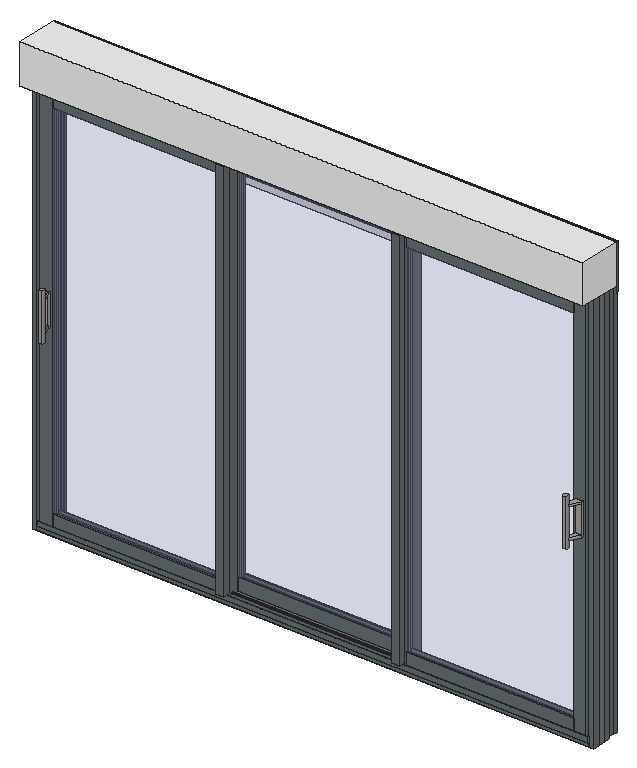
Revit family "K-LINE COULISSANT RENO-tunnel-KLBC2R-3V - Bloc Baie", category Fenêtres, Revit 2017 (continued)
Definition of nested family "Bloc Baie Reno"
  Forms (mm)
    Extrusion 3, solid, material <- "Couleur lames", visible <- "Visibilité des lames"
      sketch origin (0, 0, 0) x (0, 1, 0) y (0, 0, 1)
        loop
          line (22, 855.496) -> (14, 857.639) -> (14, 819.639) -> (22, 817.496) -> (22, 855.496)
        loop
          line (22, 895.496) -> (14, 897.639) -> (14, 859.639) -> (22, 857.496) -> (22, 895.496)
        loop
          line (22, 935.496) -> (14, 937.639) -> (14, 899.639) -> (22, 897.496) -> (22, 935.496)
        loop
          line (22, 965) -> (14, 965) -> (14, 939.639) -> (22, 937.496) -> (22, 965)
      from -1019.7 to 1019.7
    Extrusion 4, solid, visible <- "Thermo"
      sketch origin (0, 0, 0) x (0, 1, 0) y (0, 0, 1)
        loop
          line (5, 1190) -> (5, 965) -> (260, 965) -> (260, 1190) -> (5, 1190)
      from -1045 to 1045
    Extrusion 5, solid, visible <- "Bloc classic"
      sketch origin (0, 0, 0) x (0, 1, 0) y (0, 0, 1)
        loop
          line (5, 1190) -> (5, 965) -> (260, 965) -> (260, 1118) -> (242.048, 1190) -> (5, 1190)
      from -1045 to 1045
  Lines and regions (mm)
    symbolic lines
      curve 1: line (0, 31, 965) -> (0, 31, 0)
      curve 2: line (0, 31, 0) -> (0, 5, 0)
      curve 3: line (0, 5, 0) -> (0, 5, 965)
  Dimensions and locks
    equal spacing: plane 4, plane 3 "Centre (gauche/droite)", plane 5
    "Largeur": plane 4 to plane 5
    locked: plane 7 to plane 5 at 44.5
    locked: plane 8 to plane 4 at 44.5
    "Hauteur": plane 9 to plane 2
    locked: plane 1 "Centre (avant/arrière)" to plane 10 at 5
    locked: plane 10 to plane 6 at 26
    locked: plane 4 to plane 12 at 15.3
    locked: plane 5 to plane 11 at 15.3
    locked: plane 14 to plane 5 at 10
    locked: plane 15 to plane 4 at 10
    "Profondeur coffre": plane 1 "Centre (avant/arrière)" to plane 16
    "Hauteur coffre": plane 9 to plane 17
    locked: plane 9 to plane 13 at 182
    "Décalage coffre": plane 18 to plane 9
    locked: plane 19 to plane 1 "Centre (avant/arrière)" at 2
    locked: Extrusion 5 sketch curve to plane 16 at 17.952
    locked: plane 17 to Extrusion 5 sketch curve at 72
    aligned and locked: level to plane 2
    aligned and locked: Extrusion 1 sketch curve to plane 7
    aligned and locked: Extrusion 1 sketch curve to plane 6
    aligned and locked: plane 10 to Extrusion 1 sketch curve
    aligned and locked: plane 4 to Extrusion 1 sketch curve
    aligned and locked: Extrusion 1 sketch curve to plane 10
    aligned and locked: Extrusion 1 sketch curve to plane 8
    aligned and locked: plane 8 to Extrusion 1 sketch curve
    aligned and locked: plane 6 to Extrusion 1 sketch curve
    aligned and locked: plane 5 to Extrusion 1 sketch curve
    aligned and locked: Extrusion 1 to plane 9
    aligned and locked: Extrusion 1 to plane 2
    aligned and locked: plane 9 to Extrusion 3 sketch curve
    aligned and locked: plane 15 to Extrusion 3
    aligned and locked: plane 14 to Extrusion 3
    aligned and locked: plane 5 to nested 1
    aligned and locked: plane 10 to nested 1
    aligned and locked: plane 4 to nested 2
    aligned and locked: nested 2 to plane 10
    aligned and locked: plane 10 to Extrusion 2 sketch curve
    aligned and locked: plane 11 to Extrusion 4
    aligned and locked: plane 12 to Extrusion 4
    aligned and locked: Extrusion 4 to Extrusion 1
    aligned and locked: plane 17 to Extrusion 2
    aligned and locked: plane 12 to Extrusion 2
    aligned and locked: plane 11 to Extrusion 2
    aligned and locked: Extrusion 2 to plane 18
    aligned and locked: plane 19 to Extrusion 2
    aligned and locked: Extrusion 5 sketch curve to plane 10
    aligned and locked: Extrusion 5 sketch curve to plane 17
    aligned and locked: Extrusion 5 sketch curve to plane 9
    aligned and locked: Extrusion 5 sketch curve to plane 16
    aligned and locked: plane 11 to Extrusion 5
    aligned and locked: plane 12 to Extrusion 5
  Automatic sketch dimensions
    Extrusion 3 sketch curve to plane 13 = 0.00 mm
    Extrusion 3 sketch curve to plane 10 = 9.00 mm  (x3)
    Extrusion 3 sketch curve to Extrusion 3 sketch curve = 0.00 mm  (x3)
    Extrusion 3 sketch curve to Extrusion 3 sketch curve = 8.00 mm  (x4)
    Extrusion 3 sketch curve to Extrusion 3 sketch curve = 32.496 mm
    Extrusion 3 sketch curve to Extrusion 3 sketch curve = 2.00 mm  (x8)
    Extrusion 3 sketch curve to Extrusion 3 sketch curve = 0.144 mm  (x4)
    Extrusion 3 sketch curve to Extrusion 3 sketch curve = 35.856 mm  (x2)
    curve 3 to level = 0.00 mm
    curve 3 to plane 10 = 0.00 mm
    curve 2 to plane 6 = 0.00 mm
    plane 9 to curve 3 = 0.00 mm
    plane 9 to curve 1 = 0.00 mm
    Extrusion 1 sketch curve to plane 7 = 0.00 mm
    plane 15 to Extrusion 1 sketch curve = 3.05 mm
    Extrusion 1 sketch curve to plane 15 = 11.795 mm  (x2)
    Extrusion 1 sketch curve to plane 14 = 11.795 mm  (x2)
    plane 14 to Extrusion 1 sketch curve = 3.05 mm
    Extrusion 1 sketch curve to plane 10 = 1.977 mm  (x2)
    Extrusion 1 sketch curve to Extrusion 1 sketch curve = 4.173 mm  (x2)
    plane 6 to Extrusion 1 sketch curve = 6.15 mm  (x2)
    plane 6 to Extrusion 1 sketch curve = 1.977 mm  (x2)
    Extrusion 4 sketch curve to plane 1 "Centre (avant/arrière)" = 5.00 mm
    Extrusion 4 sketch curve to plane 16 = 0.00 mm
    plane 9 to Extrusion 4 sketch curve = 0.00 mm
    Extrusion 4 sketch curve to plane 17 = 0.00 mm
    Extrusion 2 sketch curve to plane 9 = 225.00 mm
    plane 1 "Centre (avant/arrière)" to Extrusion 2 sketch curve = 2.00 mm
    plane 9 to Extrusion 2 sketch curve = 32.00 mm
    Extrusion 3 sketch curve to Extrusion 3 sketch curve = 29.504 mm
  Nested families
    nested 1: "Détail 2D coulisse demi-linteau" at (1029.7, 5, 0), type "Détail 2D coulisse demi-linteau"
    nested 2: "Détail 2D coulisse demi-linteau" at (-1029.7, 5, 0) x (-1, 0, 0) z (0, 0, 1), type "Détail 2D coulisse demi-linteau"
  Definition of nested family "Détail 2D coulisse demi-linteau"
    Reference planes
      plane 1 "Centre (avant/arrière)": y = 0
      plane 2: z = 0
      plane 3 "Centre (gauche/droite)": x = 0
    Lines and regions (mm)
      Filled region 1, type "Uni - Gris", in view "Niveau de réf.", detail levels medium+fine
        outline origin (0, 0, 0) x (1, 0, 0) y (0, 1, 0)
          loop
            line (-21.795, 26) -> (-44.5, 24.023) -> (-44.5, 19.85) -> (-6.95, 19.85) -> (-6.95, 6.15) -> (-44.5, 6.15) -> (-44.5, 1.977) -> (-21.795, 0) -> (0, 0) -> (0, 26) -> (-21.795, 26)
      Filled region 2, type "Uni - Blanc", in view "Niveau de réf.", detail levels coarse
        outline origin (0, 0, 0) x (1, 0, 0) y (0, 1, 0)
          loop
            line (-44.5, 26) -> (-44.5, 0) -> (0, 0) -> (0, 26) -> (-44.5, 26)
    Dimensions and locks
      aligned and locked: plane 3 "Centre (gauche/droite)" to Filled region 1 sketch curve
      aligned and locked: plane 1 "Centre (avant/arrière)" to Filled region 1 sketch curve
      aligned and locked: Filled region 2 sketch curve to Filled region 1  (x4)
Definition of nested family "Ouvrant KLBC"
  Parameters (values of type "Ouvrant KLBC")
    Vitrage = none
    Visibilité ouverture = yes
    Vantail Int [instance] = not(Vantail Ext)  # no
    Vantail Ext [instance] = yes
    Renfort PF [instance] = and(Vantail Int, Porte fenêtre)  # no
    Profondeur renfort = if(Mt renforcé, 53.75 mm, 32.00 mm)  # 32.00 mm
    Position traverses = if([3 traverses], (Height - 274.00 mm) / 4 + 50.00 mm, (Height - 224.00 mm) / 3 + 50.00 mm)  # 456.333 mm
    Position symbole [instance] = if(Vantail Int, 85.00 mm, 120.00 mm)  # 120.00 mm
    Porte fenêtre = no
    Poignée PF [instance] = and(Porte fenêtre, not(Poignée CPI))  # no
    Poignée F [instance] = and(Fenêtre, not(Poignée CPI))  # yes
    Poignée CPI [instance] = and(Vantail Int, CPI)  # no
    Nb traverses = 0.00 mm
    Mt renforcé = no
    Lg vitrage = Width - 72.50 mm  # 1143.50 mm
    Lg traverse = Width - 102.50 mm  # 1113.50 mm
    Width = 1216.00 mm
    Ht vitrage = Height - 96.00 mm  # 1347.00 mm
    Ht traverse 1 = 431.00 mm
    Height = 1443.00 mm
    Fenêtre = yes
    Couleur châssis Int = none
    Couleur châssis Ext = none
    Couleur Accessoire Int = none
    Analytic Construction = "<Aucun>"
    CPI = no
    3 traverses = Nb traverses = 3.00 mm  # no
    2 traverses = or(Nb traverses = 2.00 mm, Nb traverses = 3.00 mm)  # no
    1 traverse = Nb traverses = 1.00 mm  # no
  Reference planes
    plane 1 "Centre (avant/arrière)": y = 0
    plane 2: z = 0
    plane 3 "Centre (gauche/droite)": x = 0
    plane 4: x = -1216
    plane 5: y = 21.75
    plane 6 "Nu ext": y = -21.75
    plane 7: x = -62.5
    plane 8: x = -47.5
    plane 9: x = -13
    plane 10: x = -1176
    plane 11: x = -1191
    plane 12: x = -1196
    plane 13: y = -14
    plane 14: y = 14
    plane 15: y = -8
    plane 16: y = 8
    plane 17: x = -1213
    plane 18: y = 28.25
    plane 19: z = 1443
    plane 20: z = 721.5
    plane 21: z = 62
    plane 22: z = 48
    plane 23: z = 13
    plane 24: y = -20
    plane 25: y = 20
    plane 26: z = 1381
    plane 27: z = 1395
    plane 28: z = 1430
    plane 29: x = -31.5
    plane 30: x = -619.25
    plane 31: y = -28.25
    plane 32: y = 53.75
    plane 33: z = 493.333
    plane 34: z = 949.667
    plane 35: z = 1406
    plane 36: z = 1862.333
    plane 37: z = 37
    plane 38: z = 431
    plane 39: y = 120
    plane 40: z = 1253
    plane 41: y = 46.75
  Forms (mm)
    Extrusion 1, solid, material <- "Couleur châssis Int"
      sketch origin (0, 0, 0) x (1, 0, 0) y (0, 1, 0)
        loop
          line (-62.5, 21.75) -> (-62.5, 14) -> (-47.5, 14) -> (-47.5, 0) -> (-13, 0) -> (-13, 8) -> (0, 8) -> (0, 21.75) -> (-62.5, 21.75)
      from 0 to 1443
    Extrusion 2, solid, material <- "Couleur châssis Ext"
      sketch origin (0, 0, 0) x (1, 0, 0) y (0, 1, 0)
        loop
          line (-62.5, -21.75) -> (0, -21.75) -> (0, -8) -> (-13, -8) -> (-13, 0) -> (-47.5, 0) -> (-47.5, -14) -> (-62.5, -14) -> (-62.5, -21.75)
      from 0 to 1443
    Extrusion 3, solid, visible <- "Vantail Ext"
      sketch origin (0, 0, 0) x (1, 0, 0) y (0, 1, 0)
        loop
          line (-1213, 28.25) -> (-1213, -14) -> (-1191, -14) -> (-1191, 14) -> (-1176, 14) -> (-1176, 21.75) -> (-1196, 21.75) -> (-1196, 28.25) -> (-1213, 28.25)
      from 0 to 1443
    Extrusion 4, solid, material <- "Couleur châssis Ext", visible <- "Vantail Ext"
      sketch origin (0, 0, 0) x (1, 0, 0) y (0, 1, 0)
        loop
          line (-1216, 28.25) -> (-1216, -21.75) -> (-1176, -21.75) -> (-1176, -14) -> (-1213, -14) -> (-1213, 28.25) -> (-1216, 28.25)
      from 0 to 1443
    Extrusion 5, solid, material <- "Couleur châssis Ext"
      sketch origin (0, 0, 0) x (0, 1, 0) y (0, 0, 1)
        loop
          line (-20, 62) -> (-20, 0) -> (-8, 0) -> (-8, 13) -> (0, 13) -> (0, 48) -> (-14, 48) -> (-14, 62) -> (-20, 62)
        loop
          line (-20, 1381) -> (-14, 1381) -> (-14, 1395) -> (0, 1395) -> (0, 1430) -> (-8, 1430) -> (-8, 1443) -> (-20, 1443) -> (-20, 1381)
      from -62.5 to -1176
    Extrusion 6, void
      sketch origin (0, 0, 0) x (0, 1, 0) y (0, 0, 1)
        loop
          line (-8, 13) -> (-8, 0) -> (8, 0) -> (8, 13) -> (-8, 13)
        loop
          line (-8, 1430) -> (8, 1430) -> (8, 1443) -> (-8, 1443) -> (-8, 1430)
      from 0 to -1216
    Extrusion 7, solid, material <- "Couleur châssis Int"
      sketch origin (0, 1.25, 0.625) x (0, -1, 0) y (0, 0, -1)
        loop
          line (-18.75, -61.375) -> (-12.75, -61.375) -> (-12.75, -47.375) -> (1.25, -47.375) -> (1.25, -12.375) -> (-6.75, -12.375) -> (-6.75, 0.625) -> (-18.75, 0.625) -> (-18.75, -61.375)
        loop
          line (-18.75, -1380.375) -> (-18.75, -1442.375) -> (-6.75, -1442.375) -> (-6.75, -1429.375) -> (1.25, -1429.375) -> (1.25, -1394.375) -> (-12.75, -1394.375) -> (-12.75, -1380.375) -> (-18.75, -1380.375)
      from -62.5 to -1176
    Extrusion 8, solid, material <- "Couleur châssis Int", visible <- "Vantail Int"
      sketch origin (0, 0, 0) x (1, 0, 0) y (0, 1, 0)
        loop
          line (-1216, -28.25) -> (-1213, -28.25) -> (-1213, 14) -> (-1176, 14) -> (-1176, 21.75) -> (-1216, 21.75) -> (-1216, -28.25)
      from 0 to 1443
    Extrusion 9, solid, visible <- "Vantail Int"
      sketch origin (0, 0, 0) x (1, 0, 0) y (0, 1, 0)
        loop
          line (-1213, -28.25) -> (-1196, -28.25) -> (-1196, -21.75) -> (-1176, -21.75) -> (-1176, -14) -> (-1191, -14) -> (-1191, 14) -> (-1213, 14) -> (-1213, -28.25)
      from 0 to 1443
    Extrusion 10, solid, material <- "Couleur châssis Int", visible <- "Renfort PF"
      sketch origin (0, 0, 0) x (1, 0, 0) y (0, 1, 0)
        loop
          line (-1216, 53.75) -> (-1216, 21.75) -> (-1176, 21.75) -> (-1176, 53.75) -> (-1216, 53.75)
      from 13 to 1443
    Extrusion 11, solid, material <- "Couleur Accessoire Int", visible <- "Poignée CPI"
      sketch origin (0, -21.75, 0) x (-1, 0, 0) y (0, 0, -1)
        loop
          line (13, -1443) -> (47.5, -1443) -> (47.5, -1257)
          arc (47.5, -1257) -> (46.328, -1254.172) -> (43.5, -1253) r 4
          line (43.5, -1253) -> (17, -1253)
          arc (17, -1253) -> (14.172, -1254.172) -> (13, -1257) r 4
          line (13, -1257) -> (13, -1443)
      from -43.5 to -68.5
  Cuts and joins
    Extrusion 6 cuts Extrusion 5
    Extrusion 6 cuts Extrusion 4
    Extrusion 6 cuts Extrusion 3
    Extrusion 6 cuts Extrusion 1
    Extrusion 6 cuts Extrusion 2
    Extrusion 6 cuts Extrusion 8
    Extrusion 6 cuts Extrusion 9
  Lines and regions (mm)
    symbolic lines, visible <- "Visibilité ouverture"
      curve 1: line (-719.25, -21.75, 721.5) -> (-519.25, -21.75, 721.5)
      curve 2: line (-719.25, -21.75, 721.5) -> (-682.998, -21.75, 738.405)
      curve 3: line (-719.25, -21.75, 721.5) -> (-682.998, -21.75, 704.595)
      curve 4: line (-719.25, 120, 0) -> (-519.25, 120, 0)
      curve 5: line (-719.25, 120, 0) -> (-680.613, 130.353, 0)
      curve 6: line (-719.25, 120, 0) -> (-680.613, 109.647, 0)
    model lines, visible <- "Visibilité ouverture"
      curve 7: line (-519.25, -21.75, 721.5) -> (-719.25, -21.75, 721.5)
      curve 8: line (-719.25, -21.75, 721.5) -> (-682.998, -21.75, 704.595)
      curve 9: line (-682.998, -21.75, 738.405) -> (-719.25, -21.75, 721.5)
  Dimensions and locks
    "Width": plane 4 to plane 3 "Centre (gauche/droite)"
    locked: plane 5 to plane 1 "Centre (avant/arrière)" at 21.75
    locked: plane 6 "Nu ext" to plane 1 "Centre (avant/arrière)" at 21.75
    locked: plane 7 to plane 3 "Centre (gauche/droite)" at 62.5
    locked: plane 7 to plane 8 at 15
    locked: plane 9 to plane 3 "Centre (gauche/droite)" at 13
    locked: plane 10 to plane 11 at 15
    locked: plane 4 to plane 12 at 20
    locked: plane 12 to plane 10 at 20
    locked: plane 6 "Nu ext" to plane 13 at 7.75
    locked: plane 5 to plane 14 at 7.75
    locked: plane 15 to plane 1 "Centre (avant/arrière)" at 8
    locked: plane 16 to plane 1 "Centre (avant/arrière)" at 8
    locked: plane 4 to plane 17 at 3
    locked: plane 6 "Nu ext" to plane 18 at 50
    "Height": plane 19 to plane 2
    equal spacing: plane 19, plane 20, plane 2
    locked: plane 21 to plane 2 at 62
    locked: plane 21 to plane 22 at 14
    locked: plane 2 to plane 23 at 13
    locked: plane 24 to plane 13 at 6
    locked: plane 25 to plane 14 at 6
    locked: plane 26 to plane 27 at 14
    locked: plane 19 to plane 28 at 13
    locked: plane 26 to plane 19 at 62
    locked: plane 29 to plane 3 "Centre (gauche/droite)" at 31.5
    equal spacing: plane 11, plane 30, plane 8
    locked: plane 5 to plane 31 at 50
    "Profondeur renfort": plane 32 to plane 5
    "Position traverses": plane 34 to plane 33
    "Position traverses": plane 35 to plane 34
    "Position traverses": plane 36 to plane 35
    locked: plane 21 to plane 37 at 25
    "Position traverses": plane 33 to plane 37
    "Ht traverse 1": plane 38 to plane 2
    "Position symbole": plane 39 to plane 1 "Centre (avant/arrière)"
    locked: plane 19 to plane 40 at 190
    locked: plane 41 to plane 5 at 25
    aligned and locked: level to plane 2
    aligned and locked: plane 7 to Extrusion 1 sketch curve
    aligned and locked: Extrusion 1 sketch curve to plane 5
    aligned and locked: Extrusion 1 sketch curve to plane 14
    aligned and locked: plane 8 to Extrusion 1 sketch curve
    aligned and locked: Extrusion 1 sketch curve to plane 1 "Centre (avant/arrière)"
    aligned and locked: Extrusion 1 sketch curve to plane 9
    aligned and locked: plane 16 to Extrusion 1 sketch curve
    aligned and locked: Extrusion 1 sketch curve to plane 3 "Centre (gauche/droite)"
    aligned and locked: plane 9 to Extrusion 2 sketch curve
    aligned and locked: Extrusion 2 sketch curve to plane 15
    aligned and locked: plane 3 "Centre (gauche/droite)" to Extrusion 2 sketch curve
    aligned and locked: plane 6 "Nu ext" to Extrusion 2 sketch curve
    aligned and locked: Extrusion 2 sketch curve to plane 7
    aligned and locked: plane 13 to Extrusion 2 sketch curve
    aligned and locked: Extrusion 2 sketch curve to plane 8
    aligned and locked: Extrusion 2 sketch curve to plane 1 "Centre (avant/arrière)"
    aligned and locked: plane 17 to Extrusion 3 sketch curve
    aligned and locked: plane 12 to Extrusion 3 sketch curve
    aligned and locked: plane 10 to Extrusion 3 sketch curve
    aligned and locked: plane 11 to Extrusion 3 sketch curve
    aligned and locked: plane 13 to Extrusion 3 sketch curve
    aligned and locked: plane 4 to Extrusion 4 sketch curve
    aligned and locked: Extrusion 4 sketch curve to plane 17
    aligned and locked: Extrusion 4 sketch curve to plane 13
    aligned and locked: plane 10 to Extrusion 4 sketch curve
    aligned and locked: Extrusion 4 sketch curve to plane 6 "Nu ext"
    aligned and locked: Extrusion 4 sketch curve to plane 18
    aligned and locked: Extrusion 3 sketch curve to plane 18
    aligned and locked: Extrusion 3 sketch curve to plane 5
    aligned and locked: Extrusion 3 sketch curve to plane 14
    aligned and locked: Extrusion 4 to plane 2
    aligned and locked: Extrusion 3 to plane 2
    aligned and locked: Extrusion 1 to plane 2
    aligned and locked: Extrusion 2 to plane 2
    aligned and locked: plane 19 to Extrusion 1
    aligned and locked: plane 19 to Extrusion 2
    aligned and locked: plane 19 to Extrusion 3
    aligned and locked: plane 19 to Extrusion 4
    aligned and locked: plane 24 to Extrusion 5 sketch curve
    aligned and locked: plane 21 to Extrusion 5 sketch curve
    aligned and locked: plane 13 to Extrusion 5 sketch curve
    aligned and locked: plane 22 to Extrusion 5 sketch curve
    aligned and locked: Extrusion 5 sketch curve to plane 1 "Centre (avant/arrière)"
    aligned and locked: plane 23 to Extrusion 5 sketch curve
    aligned and locked: Extrusion 5 sketch curve to plane 2
    aligned and locked: Extrusion 5 sketch curve to plane 24
    aligned and locked: Extrusion 5 sketch curve to plane 19
    aligned and locked: Extrusion 5 sketch curve to plane 28
    aligned and locked: plane 1 "Centre (avant/arrière)" to Extrusion 5 sketch curve
    aligned and locked: Extrusion 5 sketch curve to plane 27
    aligned and locked: Extrusion 5 sketch curve to plane 13
    aligned and locked: Extrusion 5 sketch curve to plane 26
    aligned and locked: plane 15 to Extrusion 5 sketch curve
    aligned and locked: Extrusion 5 sketch curve to plane 15
    aligned and locked: plane 23 to Extrusion 6 sketch curve
    aligned and locked: Extrusion 6 sketch curve to plane 16
    aligned and locked: plane 2 to Extrusion 6 sketch curve
    aligned and locked: Extrusion 6 sketch curve to plane 15
    aligned and locked: plane 19 to Extrusion 6 sketch curve
    aligned and locked: plane 16 to Extrusion 6 sketch curve
    aligned and locked: Extrusion 6 sketch curve to plane 28
    aligned and locked: plane 15 to Extrusion 6 sketch curve
    aligned and locked: Extrusion 6 to plane 4
    aligned and locked: plane 3 "Centre (gauche/droite)" to Extrusion 6
    aligned and locked: plane 10 to Extrusion 5
    aligned and locked: plane 7 to cut or joined group of Extrusion 5, Extrusion 6
    aligned and locked: plane 19 to Extrusion 7 sketch curve
    aligned and locked: plane 28 to Extrusion 7 sketch curve
    aligned and locked: plane 1 "Centre (avant/arrière)" to Extrusion 7 sketch curve
    aligned and locked: Extrusion 7 sketch curve to plane 16
    aligned and locked: plane 25 to Extrusion 7 sketch curve
    aligned and locked: plane 27 to Extrusion 7 sketch curve
    aligned and locked: plane 26 to Extrusion 7 sketch curve
    aligned and locked: plane 14 to Extrusion 7 sketch curve
    aligned and locked: Extrusion 7 sketch curve to plane 21
    aligned and locked: Extrusion 7 sketch curve to plane 22
    aligned and locked: Extrusion 7 sketch curve to plane 23
    aligned and locked: plane 2 to Extrusion 7 sketch curve
    aligned and locked: Extrusion 7 sketch curve to plane 25
    aligned and locked: Extrusion 7 sketch curve to plane 14
    aligned and locked: plane 16 to Extrusion 7 sketch curve
    aligned and locked: Extrusion 7 sketch curve to plane 1 "Centre (avant/arrière)"
    aligned and locked: nested 1 to plane 5
    aligned and locked: nested 1 to plane 29
    aligned and locked: nested 1 to plane 20
    aligned and locked: nested 2 to plane 29
    aligned and locked: plane 5 to nested 2
    aligned and locked: plane 20 to nested 2
    aligned and locked: plane 1 "Centre (avant/arrière)" to nested 3
    aligned and locked: plane 30 to nested 3
    aligned and locked: nested 3 to plane 22
    aligned and locked: plane 1 "Centre (avant/arrière)" to nested 4
    aligned and locked: plane 3 "Centre (gauche/droite)" to nested 4
    aligned and locked: nested 5 to plane 1 "Centre (avant/arrière)"
    aligned and locked: plane 19 to nested 5
    aligned and locked: plane 2 to nested 6
    aligned and locked: plane 1 "Centre (avant/arrière)" to nested 6
    aligned and locked: plane 4 to nested 7
    aligned and locked: plane 1 "Centre (avant/arrière)" to nested 7
    aligned and locked: nested 8 to plane 4
    aligned and locked: plane 1 "Centre (avant/arrière)" to nested 8
    aligned and locked: plane 14 to Extrusion 8 sketch curve
    aligned and locked: plane 17 to Extrusion 8 sketch curve
    aligned and locked: Extrusion 8 sketch curve to plane 4
    aligned and locked: Extrusion 9 sketch curve to plane 14
    aligned and locked: plane 13 to Extrusion 9 sketch curve
    aligned and locked: plane 6 "Nu ext" to Extrusion 9 sketch curve
    aligned and locked: Extrusion 9 sketch curve to plane 31
    aligned and locked: Extrusion 9 sketch curve to plane 12
    aligned and locked: Extrusion 9 sketch curve to plane 10
    aligned and locked: Extrusion 9 sketch curve to plane 11
    aligned and locked: Extrusion 9 sketch curve to plane 17
    aligned and locked: Extrusion 8 sketch curve to plane 31
    aligned and locked: plane 10 to Extrusion 7
    aligned and locked: plane 19 to Extrusion 8
    aligned and locked: plane 19 to Extrusion 9
    aligned and locked: Extrusion 9 to plane 2
    aligned and locked: Extrusion 8 to plane 2
    aligned and locked: plane 5 to Extrusion 8 sketch curve
    aligned and locked: Extrusion 10 sketch curve to plane 32
    aligned and locked: plane 4 to Extrusion 10 sketch curve
    aligned and locked: plane 10 to Extrusion 10 sketch curve
    aligned and locked: plane 5 to Extrusion 10 sketch curve
    aligned and locked: plane 23 to Extrusion 10
    aligned and locked: plane 19 to Extrusion 10
    aligned and locked: nested 9 to plane 30
    aligned and locked: nested 9 to plane 1 "Centre (avant/arrière)"
    aligned and locked: plane 33 to nested 10
    aligned and locked: plane 34 to nested 11
    aligned and locked: plane 35 to nested 12
    aligned and locked: nested 12 to plane 1 "Centre (avant/arrière)"
    aligned and locked: nested 11 to plane 1 "Centre (avant/arrière)"
    aligned and locked: nested 10 to plane 1 "Centre (avant/arrière)"
    aligned and locked: plane 38 to nested 9
    aligned and locked: nested 10 to plane 30
    aligned and locked: nested 11 to plane 30
    aligned and locked: nested 12 to plane 30
    aligned and locked: plane 19 to Extrusion 11 sketch curve
    aligned and locked: plane 9 to Extrusion 11 sketch curve
    aligned and locked: Extrusion 11 sketch curve to plane 40
    aligned and locked: Extrusion 11 sketch curve to plane 8
    aligned and locked: plane 41 to Extrusion 11
    aligned and locked: Extrusion 11 to plane 5
  Automatic sketch dimensions
    curve 6 to plane 39 = 0.00 mm
    curve 6 to plane 30 = 100.00 mm
    plane 30 to curve 4 = 100.00 mm
    plane 39 to curve 5 = 10.353 mm
    curve 4 to curve 5 = 38.637 mm
    curve 6 to plane 39 = 10.353 mm
    curve 6 to curve 5 = 0.00 mm
    Extrusion 8 sketch curve to plane 10 = 0.00 mm
    curve 9 to plane 20 = 0.00 mm
    plane 20 to curve 8 = 16.905 mm
    plane 30 to curve 8 = 63.748 mm
    curve 3 to curve 7 = 36.252 mm
    curve 7 to plane 30 = 100.00 mm
    curve 1 to curve 7 = 0.00 mm
    curve 2 to plane 20 = 16.905 mm
    curve 2 to curve 3 = 0.00 mm
    plane 9 to Extrusion 11 sketch curve = 4.00 mm
    Extrusion 11 sketch curve to Extrusion 11 sketch curve = 4.00 mm
  Nested families
    nested 1: "Poignée 24751" at (-31.5, 21.75, 721.5), visible <- "Poignée PF", type "Poignée 24751", detail levels fine
    nested 2: "KLBC_Poignée 102217" at (-31.5, 21.75, 721.5) x (-1, 0, 0) z (0, 0, 1), visible <- "Poignée F", type "KLBC_Poignée 102217", detail levels fine
    nested 3: "Vitrage" at (-619.25, 0, 48), Width <- "Lg vitrage", Height <- "Ht vitrage", type "Vitrage"
      with Width 1143.50 mm, Height 1347.00 mm
    nested 4: "Détail 2D - KLBC - Profil ouvrant" at (-62.5, 0, 0) x (0, -1, 0) z (0, 0, 1), type "Détail 2D - KLBC - Profil ouvrant"
      with Traverse no, Pf vitrage 15.00 mm, Lg 43.50 mm, Ht 62.50 mm
    nested 5: "Détail 2D - KLBC - Profil ouvrant" at (0, 0, 1381) x (0, 1, 0) z (1, 0, 0), type "Détail 2D - KLBC - Profil ouvrant"
      with Traverse yes, Pf vitrage 14.00 mm, Lg 40.00 mm, Ht 62.00 mm
    nested 6: "Détail 2D - KLBC - Profil ouvrant" at (0, 0, 62) x (0, 1, 0) z (1, 0, 0), type "Détail 2D - KLBC - Profil ouvrant"
      with Traverse yes, Pf vitrage 14.00 mm, Lg 40.00 mm, Ht 62.00 mm
    nested 7: "Détail 2D - KLBC - Montant central" at (-1216, 0, 0), visible <- "Vantail Ext", type "Détail 2D - KLBC - Montant central"
      with Profondeur 7.75 mm, Porte fenêtre no, Mt renforcé no
    nested 8: "Détail 2D - KLBC - Montant central" at (-1216, 0, 0), Porte fenêtre <- "Porte fenêtre", visible <- "Vantail Int", Mt renforcé <- "Mt renforcé", type "Détail 2D - KLBC - Montant central"
      with Profondeur 7.75 mm, Porte fenêtre no, Mt renforcé no
    nested 9: "Traverse intermédiaire" at (-619.25, 0, 431) x (-1, 0, 0) z (0, 0, 1), visible <- "1 traverse", type "Traverse intermédiaire"
      with Longueur 1113.50 mm
    nested 10: "Traverse intermédiaire" at (-619.25, 0, 493.333) x (-1, 0, 0) z (0, 0, 1), visible <- "2 traverses", type "Traverse intermédiaire"
      with Longueur 1113.50 mm
    nested 11: "Traverse intermédiaire" at (-619.25, 0, 949.667) x (-1, 0, 0) z (0, 0, 1), visible <- "2 traverses", type "Traverse intermédiaire"
      with Longueur 1113.50 mm
    nested 12: "Traverse intermédiaire" at (-619.25, 0, 1406) x (-1, 0, 0) z (0, 0, 1), visible <- "3 traverses", type "Traverse intermédiaire"
      with Longueur 1113.50 mm
  Definition of nested family "Poignée 24751"
    Parameters
      Couleur Accessoire = none
    Reference planes
      plane 1 "Centre (avant/arrière)": y = 0
      plane 2: z = 0
      plane 3 "Centre (gauche/droite)": x = 0
      plane 4: y = -65
      plane 5: x = -22.6
      plane 6: y = -57
      plane 7: y = -7
      plane 8: z = 80
      plane 9: z = 117
      plane 10: z = -80
      plane 11: z = -117
      plane 12: z = 69.2
      plane 13: z = -69.2
    Forms (mm)
      Extrusion 1, solid, material <- "Couleur Accessoire"
        sketch origin (0, 0, 0) x (1, 0, 0) y (0, 1, 0)
          loop
            line (-14, 0) -> (-14, -7) -> (14, -7) -> (14, 0) -> (-14, 0)
        from -80 to 80
      Extrusion 2, solid, material <- "Couleur Accessoire"
        sketch origin (0, 0, 0) x (1, 0, 0) y (0, 1, 0)
          loop
            arc (-15.05, -65) -> (-22.6, -46) -> (-30.15, -65) r 11
            line (-30.15, -65) -> (-15.05, -65)
        from -117 to 117
      Extrusion 3, solid, material <- "Couleur Accessoire"
        sketch origin (0, 0, 0) x (1, 0, 0) y (0, 1, 0)
          loop
            line (-14, -7) -> (-31.287, -50.252)
            arc (-31.287, -50.252) -> (-17.9, -47.055) -> (-11.871, -59.427) r 11
            line (-11.871, -59.427) -> (14, -7) -> (-14, -7)
        from 69.2 to 80
      Extrusion 4, solid, material <- "Couleur Accessoire"
        sketch origin (0, 0, 0) x (1, 0, 0) y (0, 1, 0)
          loop
            line (-14, -7) -> (-31.287, -50.252)
            arc (-31.287, -50.252) -> (-17.9, -47.055) -> (-11.871, -59.427) r 11
            line (-11.871, -59.427) -> (14, -7) -> (-14, -7)
        from -80 to -69.2
    Cuts and joins
      joined: Extrusion 1, Extrusion 2, Extrusion 3, Extrusion 4
    Dimensions and locks
      locked: plane 4 to plane 1 "Centre (avant/arrière)" at 65
      locked: plane 5 to plane 3 "Centre (gauche/droite)" at 22.6
      locked: plane 6 to plane 1 "Centre (avant/arrière)" at 57
      locked: plane 7 to plane 1 "Centre (avant/arrière)" at 7
      Extrusion 1 sketch curve to plane 3 "Centre (gauche/droite)" = 14.00 mm
      plane 3 "Centre (gauche/droite)" to Extrusion 1 sketch curve = 14.00 mm
      locked: plane 8 to plane 2 at 80
      locked: plane 2 to plane 9 at 117
      locked: plane 10 to level at 80
      locked: level to plane 11 at 117
      locked: plane 12 to plane 8 at 10.8
      locked: plane 13 to plane 10 at 10.8
      aligned and locked: level to plane 2
      aligned and locked: plane 1 "Centre (avant/arrière)" to Extrusion 1 sketch curve
      aligned and locked: plane 7 to Extrusion 1 sketch curve
      aligned and locked: plane 11 to Extrusion 2
      aligned and locked: plane 9 to Extrusion 2
      aligned and locked: plane 10 to Extrusion 1
      aligned and locked: plane 8 to Extrusion 1
      aligned and locked: Extrusion 3 to Extrusion 1
      aligned and locked: Extrusion 3 to plane 12
      aligned and locked: Extrusion 4 to Extrusion 1
      aligned and locked: Extrusion 4 to plane 13
  Definition of nested family "KLBC_Poignée 102217"
    Parameters (values of type "KLBC_Poignée 102217")
      Couleur Accessoire = none
    Reference planes
      plane 1 "Centre (avant/arrière)": y = 0
      plane 2: z = 0
      plane 3 "Centre (gauche/droite)": x = 0
      plane 4: x = -15
      plane 5: y = -24.7
      plane 6: y = -7
      plane 7: z = 13.5
      plane 8: z = 95.5
      plane 9: z = -76
      plane 10: z = 93.5
      plane 11: x = -5
      plane 12: x = 15
      plane 13: x = 5
      plane 14: z = -58
      plane 15: y = -29
    Forms (mm)
      Extrusion 1, solid, material <- "Couleur Accessoire"
        sketch origin (0, 0, 0) x (1, 0, 0) y (0, 0, 1)
          loop
            line (13, 95.5) -> (-13, 95.5)
            arc (-13, 95.5) -> (-14.414, 94.914) -> (-15, 93.5) r 2
            line (-15, 93.5) -> (-15, -74)
            arc (-15, -74) -> (-14.414, -75.414) -> (-13, -76) r 2
            line (-13, -76) -> (13, -76)
            arc (13, -76) -> (14.414, -75.414) -> (15, -74) r 2
            line (15, -74) -> (15, 93.5)
            arc (15, 93.5) -> (14.414, 94.914) -> (13, 95.5) r 2
        from 0 to 7
      Extrusion 2, solid, material <- "Couleur Accessoire"
        sketch origin (0, 0, 0) x (1, 0, 0) y (0, 0, 1)
          loop
            circle (0, 0) r 12
        from 7 to 24.7
      Extrusion 3, solid, material <- "Couleur Accessoire"
        sketch origin (0, 0, 0) x (1, 0, 0) y (0, 0, 1)
          loop
            line (5, 15.253) -> (5, 91.747)
            arc (5, 91.747) -> (4.826, 92.311) -> (4.364, 92.678) r 1
            arc (4.364, 92.678) -> (0, 93.5) -> (-4.364, 92.678) r 12
            arc (-4.364, 92.678) -> (-4.826, 92.311) -> (-5, 91.747) r 1
            line (-5, 91.747) -> (-5, 15.253)
            arc (-5, 15.253) -> (-4.826, 14.689) -> (-4.364, 14.322) r 1
            arc (-4.364, 14.322) -> (0, 13.5) -> (4.364, 14.322) r 12
            arc (4.364, 14.322) -> (4.826, 14.689) -> (5, 15.253) r 1
          loop
            arc (5, 10.247) -> (4.826, 10.811) -> (4.364, 11.178) r 1
            arc (4.364, 11.178) -> (0, 12) -> (-4.364, 11.178) r 12
            arc (-4.364, 11.178) -> (-4.826, 10.811) -> (-5, 10.247) r 1
            line (-5, 10.247) -> (-5, -56.247)
            arc (-5, -56.247) -> (-4.826, -56.811) -> (-4.364, -57.178) r 1
            arc (-4.364, -57.178) -> (0, -58) -> (4.364, -57.178) r 12
            arc (4.364, -57.178) -> (4.826, -56.811) -> (5, -56.247) r 1
            line (5, -56.247) -> (5, 10.247)
        from 7 to 29
    Cuts and joins
      joined: Extrusion 2, Extrusion 3
    Dimensions and locks
      locked: plane 5 to plane 6 at 17.7
      locked: plane 6 to plane 1 "Centre (avant/arrière)" at 7
      locked: plane 7 to plane 2 at 13.5
      locked: plane 2 to plane 8 at 95.5
      locked: level to plane 9 at 76
      locked: plane 4 to plane 3 "Centre (gauche/droite)" at 15
      locked: plane 11 to plane 3 "Centre (gauche/droite)" at 5
      locked: plane 12 to plane 3 "Centre (gauche/droite)" at 15
      locked: plane 13 to plane 3 "Centre (gauche/droite)" at 5
      locked: plane 14 to level at 58
      locked: plane 15 to plane 5 at 4.3
      locked: plane 10 to plane 8 at 2
      radius of Extrusion 2 sketch curve = 12.00 mm
      aligned and locked: level to plane 2
      aligned and locked: plane 8 to Extrusion 1 sketch curve
      aligned and locked: Extrusion 1 sketch curve to plane 12
      aligned and locked: plane 9 to Extrusion 1 sketch curve
      aligned and locked: Extrusion 1 sketch curve to plane 4
      aligned and locked: Extrusion 1 to plane 1 "Centre (avant/arrière)"
      aligned and locked: Extrusion 1 to plane 6
      aligned and locked: Extrusion 2 to plane 5
      aligned and locked: plane 6 to Extrusion 2
      aligned and locked: plane 13 to Extrusion 3 sketch curve
      aligned and locked: plane 11 to Extrusion 3 sketch curve
      aligned and locked: Extrusion 3 sketch curve to plane 11
      aligned and locked: Extrusion 3 sketch curve to plane 13
      aligned and locked: plane 6 to Extrusion 3
      aligned and locked: Extrusion 3 to plane 15
  Definition of nested family "Vitrage"
    Parameters
      Width [instance] = 823.00 mm
      K.LINE Verre = none
      Height [instance] = 1344.00 mm
      Ep verre Int = 4.00 mm
      Ep verre Ext = 4.00 mm
      Ep Vitrage = 28.00 mm
      Analytic Construction = "<Aucun>"
    Reference planes
      plane 1 "Centre (avant/arrière)": y = 0
      plane 2: z = 0
      plane 3 "Centre (gauche/droite)": x = 0
      plane 4: x = -411.5
      plane 5: x = 411.5
      plane 6: y = 14
      plane 7: y = -14
      plane 8: y = 10
      plane 9: y = -10
      plane 10: z = 1344
      plane 11: x = -401.5
      plane 12: x = 401.5
      plane 13: z = 10
      plane 14: z = 1334
    Forms (mm)
      Extrusion 1, solid, material <- "K.LINE Verre"
        sketch origin (0, 0, 0) x (1, 0, 0) y (0, 1, 0)
          loop
            line (-411.5, 14) -> (-411.5, -14) -> (411.5, -14) -> (411.5, 14) -> (-411.5, 14)
        from 0 to 1344
    Lines and regions (mm)
      symbolic lines, detail levels medium+fine
        curve 1: line (-411.5, 14, 0) -> (411.5, 14, 0)
        curve 2: line (-411.5, -14, 0) -> (-411.5, 14, 0)
        curve 3: line (411.5, -14, 0) -> (-411.5, -14, 0)
        curve 4: line (411.5, 14, 0) -> (411.5, -14, 0)
        curve 10: line (0, -14, 0) -> (0, 14, 0)
        curve 11: line (0, -14, 1344) -> (0, -14, 0)
        curve 12: line (0, 14, 1344) -> (0, -14, 1344)
        curve 13: line (0, 14, 0) -> (0, 14, 1344)
      symbolic lines, detail levels coarse
        curve 5: line (-411.5, 0, 0) -> (411.5, 0, 0)
        curve 15: line (0, 0, 0) -> (0, 0, 1344)
      symbolic lines, detail levels fine
        curve 6: line (411.5, -10, 0) -> (-411.5, -10, 0)
        curve 7: line (411.5, 10, 0) -> (-411.5, 10, 0)
        curve 8: line (-401.5, 10, 0) -> (-401.5, -10, 0)
        curve 9: line (401.5, 10, 0) -> (401.5, -10, 0)
        curve 14: line (0, 10, 0) -> (0, 10, 1344)
        curve 16: line (0, -10, 0) -> (0, -10, 1344)
        curve 17: line (0, 10, 1334) -> (0, -10, 1334)
        curve 18: line (0, 10, 10) -> (0, -10, 10)
    Dimensions and locks
      equal spacing: plane 4, plane 3 "Centre (gauche/droite)", plane 5
      equal spacing: plane 6, plane 1 "Centre (avant/arrière)", plane 7
      "Width": plane 4 to plane 5
      "Ep Vitrage": plane 6 to plane 7
      "Ep verre Ext": plane 6 to plane 8
      "Ep verre Int": plane 9 to plane 7
      "Height": plane 2 to plane 10
      plane 4 to plane 11 = 10.00 mm
      locked: plane 12 to plane 5 at 10
      locked: plane 14 to plane 10 at 10
      locked: plane 13 to plane 2 at 10
      aligned and locked: level to plane 2
      aligned and locked: Extrusion 1 sketch curve to plane 6
      aligned and locked: plane 4 to Extrusion 1 sketch curve
      aligned and locked: Extrusion 1 sketch curve to plane 7
      aligned and locked: Extrusion 1 sketch curve to plane 5
      aligned and locked: Extrusion 1 to plane 10
      aligned and locked: Extrusion 1 to plane 2
      aligned and locked: plane 4 to curve 2
      aligned and locked: curve 4 to plane 5
      aligned and locked: curve 1 to plane 6
      aligned and locked: plane 1 "Centre (avant/arrière)" to curve 5
      aligned and locked: curve 3 to plane 7
      aligned and locked: plane 8 to curve 7
      aligned and locked: curve 6 to plane 9
      aligned and locked: curve 8 to plane 11
      aligned and locked: plane 12 to curve 9
      aligned and locked: plane 2 to curve 10
      aligned and locked: plane 10 to curve 12
      aligned and locked: curve 11 to plane 7
      aligned and locked: plane 9 to curve 16
      aligned and locked: plane 1 "Centre (avant/arrière)" to curve 15
      aligned and locked: curve 14 to plane 8
      aligned and locked: curve 13 to plane 6
      aligned and locked: curve 17 to plane 14
      aligned and locked: curve 18 to plane 13
  Definition of nested family "Traverse intermédiaire"
    Parameters
      Longueur = 1520.00 mm
      Couleur int = none
      Couleur ext = none
    Reference planes
      plane 1 "Centre (avant/arrière)": y = 0
      plane 2: z = 0
      plane 3 "Centre (gauche/droite)": x = 0
      plane 4: y = 20
      plane 5: y = -20
      plane 6: y = 14
      plane 7: y = -14
      plane 8: x = -760
      plane 9: x = 760
      plane 10: z = 25
      plane 11: z = -25
      plane 12: z = 11
      plane 13: z = -11
    Forms (mm)
      Extrusion 1, solid, material <- "Couleur int"
        sketch origin (0, 0, 0) x (0, 1, 0) y (0, 0, 1)
          loop
            line (-20, 25) -> (-20, -25) -> (-14, -25) -> (-14, -11) -> (0, -11) -> (0, 11) -> (-14, 11) -> (-14, 25) -> (-20, 25)
        from -760 to 760
      Extrusion 2, solid, material <- "Couleur ext"
        sketch origin (0, 0, 0) x (0, -1, 0) y (0, 0, -1)
          loop
            line (-20, -25) -> (-14, -25) -> (-14, -11) -> (0, -11) -> (0, 11) -> (-14, 11) -> (-14, 25) -> (-20, 25) -> (-20, -25)
        from -760 to 760
    Dimensions and locks
      locked: plane 4 to plane 1 "Centre (avant/arrière)" at 20
      locked: plane 5 to plane 1 "Centre (avant/arrière)" at 20
      locked: plane 6 to plane 4 at 6
      locked: plane 7 to plane 5 at 6
      equal spacing: plane 8, plane 3 "Centre (gauche/droite)", plane 9
      "Longueur": plane 8 to plane 9
      locked: plane 10 to plane 2 at 25
      locked: plane 11 to level at 25
      locked: plane 10 to plane 12 at 14
      locked: plane 11 to plane 13 at 14
      aligned and locked: level to plane 2
      aligned and locked: plane 10 to Extrusion 1 sketch curve
      aligned and locked: Extrusion 1 sketch curve to plane 12
      aligned and locked: Extrusion 1 sketch curve to plane 13
      aligned and locked: plane 11 to Extrusion 1 sketch curve
      aligned and locked: plane 5 to Extrusion 1 sketch curve
      aligned and locked: Extrusion 1 sketch curve to plane 7  (x2)
      aligned and locked: plane 1 "Centre (avant/arrière)" to Extrusion 1 sketch curve
      aligned and locked: plane 1 "Centre (avant/arrière)" to Extrusion 2 sketch curve
      aligned and locked: plane 6 to Extrusion 2 sketch curve  (x2)
      aligned and locked: Extrusion 2 sketch curve to plane 4
      aligned and locked: Extrusion 2 sketch curve to plane 10
      aligned and locked: plane 12 to Extrusion 2 sketch curve
      aligned and locked: Extrusion 2 sketch curve to plane 11
      aligned and locked: plane 13 to Extrusion 2 sketch curve
      aligned and locked: plane 9 to Extrusion 2
      aligned and locked: plane 9 to Extrusion 1
      aligned and locked: Extrusion 1 to plane 8
      aligned and locked: Extrusion 2 to plane 8
  Definition of nested family "Détail 2D - KLBC - Profil ouvrant"
    Parameters
      Traverse [instance] = no
      Pf vitrage [instance] = if(Traverse, 14.00 mm, 15.00 mm)  # 15.00 mm
      Lg [instance] = if(Traverse, 40.00 mm, 43.50 mm)  # 43.50 mm
      Ht [instance] = if(Traverse, 62.00 mm, 62.50 mm)  # 62.50 mm
    Reference planes
      plane 1 "Centre (avant/arrière)": y = 0
      plane 2: z = 0
      plane 3 "Centre (gauche/droite)": x = 0
      plane 4: x = -21.75
      plane 5: x = 21.75
      plane 6: y = 62.5
      plane 7: x = -14
      plane 8: x = 14
      plane 9: x = -8
      plane 10: x = 8
      plane 11: y = 49.5
      plane 12: y = 15
    Lines and regions (mm)
      Filled region 1, type "Uni - Gris", in view "Niveau de réf.", detail levels medium+fine
        outline origin (0, 0, 0) x (1, 0, 0) y (0, 1, 0)
          loop
            line (-21.75, 62.5) -> (-21.75, 0) -> (-14, 0) -> (-14, 15) -> (14, 15) -> (14, 0) -> (21.75, 0) -> (21.75, 62.5) -> (8, 62.5) -> (8, 49.5) -> (-8, 49.5) -> (-8, 62.5) -> (-21.75, 62.5)
      Filled region 2, type "Uni - blanc", in view "Niveau de réf.", detail levels coarse
        outline origin (0, 0, 0) x (1, 0, 0) y (0, 1, 0)
          loop
            line (-21.75, 62.5) -> (-21.75, 0) -> (21.75, 0) -> (21.75, 62.5) -> (-21.75, 62.5)
    Dimensions and locks
      equal spacing: plane 4, plane 3 "Centre (gauche/droite)", plane 5
      "Lg": plane 4 to plane 5
      "Ht": plane 6 to plane 1 "Centre (avant/arrière)"
      locked: plane 7 to plane 3 "Centre (gauche/droite)" at 14
      locked: plane 8 to plane 3 "Centre (gauche/droite)" at 14
      locked: plane 9 to plane 3 "Centre (gauche/droite)" at 8
      locked: plane 10 to plane 3 "Centre (gauche/droite)" at 8
      locked: plane 6 to plane 11 at 13
      "Pf vitrage": plane 12 to plane 1 "Centre (avant/arrière)"
      aligned and locked: Filled region 1 sketch curve to plane 6  (x2)
      aligned and locked: Filled region 1 sketch curve to plane 10
      aligned and locked: Filled region 1 sketch curve to plane 9
      aligned and locked: Filled region 1 sketch curve to plane 11
      aligned and locked: Filled region 1 sketch curve to plane 5
      aligned and locked: plane 4 to Filled region 1 sketch curve
      aligned and locked: plane 12 to Filled region 1 sketch curve
      aligned and locked: Filled region 1 sketch curve to plane 8
      aligned and locked: Filled region 1 sketch curve to plane 1 "Centre (avant/arrière)"  (x2)
      aligned and locked: Filled region 1 sketch curve to plane 7
      aligned and locked: Filled region 2 sketch curve to plane 6
      aligned and locked: Filled region 2 sketch curve to plane 5
      aligned and locked: plane 4 to Filled region 2 sketch curve
      aligned and locked: Filled region 2 sketch curve to plane 1 "Centre (avant/arrière)"
  Definition of nested family "Détail 2D - KLBC - Montant central"
    Parameters (values of type "Détail 2D - KLBC - Montant central")
      Porte fenêtre [instance] = no
      Profondeur [instance] = if(Mt renforcé, 61.50 mm, if(Porte fenêtre, 39.75 mm, 7.75 mm))  # 61.50 mm
      Mt renforcé [instance] = yes
    Reference planes
      plane 1 "Centre (avant/arrière)": y = 0
      plane 2: z = 0
      plane 3 "Centre (gauche/droite)": x = 0
      plane 4: y = 14
      plane 5: y = -14
      plane 6: y = -75.5
      plane 7: y = 28.25
      plane 8: y = 21.75
      plane 9: x = 20
      plane 10: x = 40
      plane 11: x = 25
    Lines and regions (mm)
      Filled region 1, type "Uni - Gris", in view "Niveau de réf.", detail levels medium+fine
        outline origin (0, 0, 0) x (1, 0, 0) y (0, 1, 0)
          loop
            line (20, 28.25) -> (0, 28.25) -> (0, -75.5) -> (40, -75.5) -> (40, -14) -> (25, -14) -> (25, 14) -> (40, 14) -> (40, 21.75) -> (20, 21.75) -> (20, 28.25)
      Filled region 2, type "Uni - blanc", in view "Niveau de réf.", detail levels coarse
        outline origin (0, 0, 0) x (1, 0, 0) y (0, 1, 0)
          loop
            line (0, 21.75) -> (0, -75.5) -> (40, -75.5) -> (40, 21.75) -> (0, 21.75)
    Dimensions and locks
      locked: plane 4 to plane 1 "Centre (avant/arrière)" at 14
      locked: plane 5 to plane 1 "Centre (avant/arrière)" at 14
      "Profondeur": plane 6 to plane 5
      locked: plane 8 to plane 4 at 7.75
      locked: plane 9 to plane 3 "Centre (gauche/droite)" at 20
      locked: plane 10 to plane 9 at 20
      locked: plane 11 to plane 10 at 15
      locked: plane 7 to plane 1 "Centre (avant/arrière)" at 28.25
      aligned and locked: Filled region 1 sketch curve to plane 7
      aligned and locked: Filled region 1 sketch curve to plane 9
      aligned and locked: Filled region 1 sketch curve to plane 8
      aligned and locked: Filled region 1 sketch curve to plane 10  (x2)
      aligned and locked: Filled region 1 sketch curve to plane 4
      aligned and locked: Filled region 1 sketch curve to plane 5
      aligned and locked: Filled region 1 sketch curve to plane 6
      aligned and locked: plane 3 "Centre (gauche/droite)" to Filled region 1 sketch curve
      aligned and locked: plane 11 to Filled region 1
      aligned and locked: plane 3 "Centre (gauche/droite)" to Filled region 2 sketch curve
      aligned and locked: Filled region 2 sketch curve to plane 10
      aligned and locked: Filled region 2 sketch curve to plane 6
      aligned and locked: Filled region 2 sketch curve to plane 8
    Automatic sketch dimensions
      Filled region 1 sketch curve to plane 11 = 0.00 mm
Definition of nested family "Texte Hors abaques"
  Parameters
    Largeur = "800 < Largeur < 1100"
    Hors abaques = "HORS ABAQUES"
    Hauteur = "2050 < Hauteur < 2350"
    Attention = "!"
  Reference planes
    plane 1: y = 0
    plane 2: x = 0
  Lines and regions (mm)
    Filled region 1, type "Filled region 1"
      outline origin (0, -0.352, 0) x (1, 0, 0) y (0, 1, 0)
        loop
          line (0, 1.813) -> (-1.453, 0.361) -> (-0.004, -1.088) -> (1.449, 0.364) -> (0, 1.813)
  Text (mm)
    label "!" at (0.005, -0.025, 0), shows "Attention"
    label "HORS ABAQUES\n\nMini < Largeur < Maxi\n\nMini < Hauteur < Maxi" at (0.005, -4.005, 0), shows "Hors abaques", "Largeur", "Hauteur"
